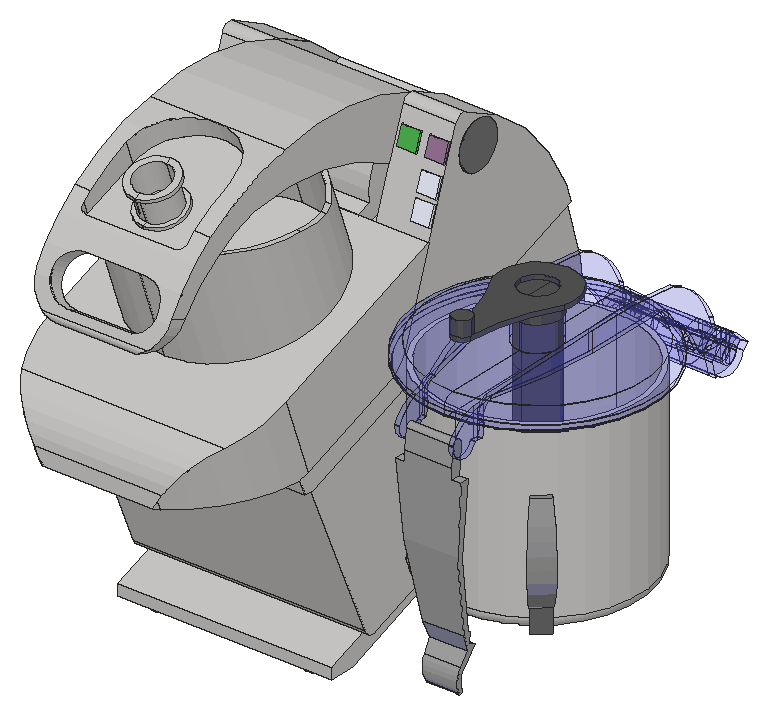
Revit family "QF_DITOSAMA_600432_DTRK45YI", category Specialty Equipment, Revit 2018
Family settings
  Round Connector Dimension = Use Diameter
  Part Type = Normal
  Work Plane-Based = No
  Always vertical = Yes
  Cut with Voids When Loaded = No
  Shared = No
  Room Calculation Point = No
Parameters (values of type "QF_DITO SAMA_600432_DTRK45YI")
  Weight = 27.40 kg
  Watts = 0 W
  Volts = 200 V
  URL Manufacturer = "http://www.ditosama.com"
  URL = "http://www.ditosama.com"
  Steam Supply Size = 0 mm
  Steam Supply Minimum Pressure = 0.0 Pa
  Steam Supply Maximum Pressure = 0.0 Pa
  Steam Pounds per Hour = 0
  Refrigeration Suction Line Size = 0 mm
  Refrigeration Liquid Line Size = 0 mm
  Refrigerant Compressor Remote = yes
  Manufacturer = "Dito Sama"
  Phase = 1
  Model = "DTRK45YI"
  Length Actual = 252 mm  # constant formula
  Item Number = "600432"
  Hot Water Size = 0 mm
  Height Actual = 505 mm  # constant formula
  HP = "1.3 HP"
  Gas Size = 0 mm
  Gas KW = 0
  Gas Input Pressure = 0 W
  Direct Waste Size = 0 mm
  Description = "CUTTER/SLICER 4.5L VARIAB.SPEED-1000W-200-240V/1N/50-60-CB APPROVED, SCHUKO PLUG"
  Depth Actual = 485 mm  # constant formula
  Cycle = 60 Hz
  Condensate Return Size = 0 mm
  Compressed Air Volume = 0.0 L/s
  Compressed Air Size = 0 mm
  Compressed Air Pressure = 0.0 Pa
  Cold Water Size = 0 mm
  Accessory = yes
Reference planes
  plane 1 "Center (Front/Back)": y = 0
  plane 2: z = 0
  plane 3 "Center (Left/Right)": x = 0
  plane 4 "BASE": through (-1506.947, -1354.442, -482.669) normal (0, -0.342, 0.9397)
  plane 5 "TOP": z = 725
  plane 6 "FRONT": y = -250
  plane 7 "BACK": y = 250
  plane 8 "LEFT": x = -126
  plane 9 "RIGHT": x = 126
  plane 10 "BaseSup": through (4267.2, -355.454, 143.983) normal (0, -0.342, 0.9397)
  plane 11 "TopCylinder": z = 505
  plane 12 "panel": through (4267.2, 37.396, 376.789) normal (0, -0.9397, 0.342)
  plane 13 "TAN1": through (4267.2, -242.8, 386.84) normal (0, -0.868, 0.4965)
  plane 14 "cx": x = -4.392
  plane 15: z = 490
  plane 16: z = 685
  plane 17 "EI_1": z = 320
  plane 18: z = 224
  plane 19 "SupportOblique": through (4267.2, 163.975, 96.815) normal (0, 0.809, 0.5878)
  plane 20 "CX2": x = 350
Forms (mm)
  Extrusion 1, solid, material "QF_Finishes_Stainless Steel"
    sketch origin (0, 71.755, 29.173) x (0, 0.939693, 0.34202) y (0, -0.34202, 0.939693)
      loop
        line (196.964, 40) -> (-146.726, 40) -> (-150.519, 29.578) -> (-124.204, 20) -> (196.964, 20) -> (196.964, 40)
    from -114.1 to 114.1
  Extrusion 2, solid, material "QF_Finishes_Stainless Steel"
    sketch origin (0, 71.755, 29.173) x (0, 0.939693, 0.34202) y (0, -0.34202, 0.939693)
      loop
        arc (-117.754, 231.836) -> (-115.679, 141.222) -> (-107.501, 50.953) r 1344.145
        arc (-107.501, 50.953) -> (-103.371, 43.13) -> (-95.098, 40) r 12.5
        line (-95.098, 40) -> (191.415, 40)
        arc (191.415, 40) -> (200.799, 44.052) -> (207.001, 52.177) r 20.212
        arc (207.001, 52.177) -> (236.663, 139.796) -> (245.906, 231.836) r 409.593
        line (245.906, 231.836) -> (-117.754, 231.836)
    from -123.6 to 123.2
  Extrusion 3, solid, material "QF_Finishes_Stainless Steel"
    sketch origin (0, 71.755, 29.173) x (0, 0.939693, 0.34202) y (0, -0.34202, 0.939693)
      loop
        line (-117.754, 231.836) -> (250, 231.836) -> (250, 254)
        arc (250, 254) -> (225.127, 344.7) -> (167.861, 419.303) r 244.524
        arc (167.861, 419.303) -> (160.498, 421.774) -> (153.587, 418.23) r 10
        line (153.587, 418.23) -> (25.432, 265.5)
        arc (25.432, 265.5) -> (14.376, 257.016) -> (0.77, 254) r 32.194
        line (0.77, 254) -> (-128.224, 254) -> (-128.224, 236.946) -> (-117.754, 231.836)
    from -125 to 125
  Extrusion 4, void
    sketch origin (0, 71.755, 29.173) x (0, 0.939693, 0.34202) y (0, -0.34202, 0.939693)
      loop
        line (146.605, 338.403) -> (228.145, 338.403)
        arc (228.145, 338.403) -> (202.221, 381.996) -> (167.861, 419.303) r 244.524
        arc (167.861, 419.303) -> (160.498, 421.774) -> (153.587, 418.23) r 10
        line (153.587, 418.23) -> (72.34, 321.403) -> (146.605, 321.403) -> (146.605, 338.403)
    from -76.755 to 68.071
  Extrusion 5, solid, material "QF_Finishes_Stainless Steel"
    sketch origin (0, 71.755, 29.173) x (0, 0.939693, 0.34202) y (0, -0.34202, 0.939693)
      loop
        line (86.605, 338.403) -> (69.605, 321.403) -> (146.605, 321.403) -> (146.605, 338.403) -> (138.179, 338.403) -> (138.179, 369.367)
        arc (138.179, 369.367) -> (147.784, 373.474) -> (158.149, 372.174) r 19.987
        arc (158.149, 372.174) -> (156.791, 382.001) -> (162.888, 389.826) r 12.748
        arc (162.888, 389.826) -> (123.302, 374.774) -> (101.605, 338.403) r 64.447
        line (101.605, 338.403) -> (86.605, 338.403)
    from -65 to 50
  Extrusion 6, solid, material "QF_Finishes_Stainless Steel"
    sketch origin (539, 71.755, 29.173) x (0, -0.939693, -0.34202) y (0, -0.34202, 0.939693)
      loop
        circle (-169.102, 378.696) r 12.748
    from 489 to 604
  Extrusion 7, solid, material "QF_Finishes_Rubber Black"
    sketch origin (0, 71.755, 29.173) x (0, 0.939693, 0.34202) y (0, -0.34202, 0.939693)
      loop
        circle (169.102, 378.696) r 25
    from 125 to 126.6
  Extrusion 8, solid, material "QF_Finishes_Green"
    sketch origin (-10, -113.728, -38.42) x (0, -0.34202, -0.939693) y (1, 0, 0)
      loop
        line (-529.862, 82.865) -> (-509.862, 82.865) -> (-509.862, 102.865) -> (-529.862, 102.865) -> (-529.862, 82.865)
    from 0 to 1.6
  Extrusion 9, solid, material "QF_Finishes_Red"
    sketch origin (20, -113.728, -38.42) x (0, -0.34202, -0.939693) y (1, 0, 0)
      loop
        line (-529.862, 82.865) -> (-509.862, 82.865) -> (-509.862, 102.865) -> (-529.862, 102.865) -> (-529.862, 82.865)
    from 0 to 1.6
  Extrusion 10, solid, material "QF_Finishes_White"
    sketch origin (19.976, -149.421, -75.636) x (0, -0.34202, -0.939693) y (1, 0, 0)
      loop
        line (-521.192, 82.865) -> (-501.192, 82.865) -> (-501.192, 102.865) -> (-521.192, 102.865) -> (-521.192, 82.865)
    from 0 to 1.6
  Extrusion 11, solid, material "QF_Finishes_Rubber Black"
    sketch origin (-20, -293.925, 99.376) x (0, -1, 0) y (1, 0, 0)
      loop
        circle (-230.144, 103.748) r 10
      loop
        circle (-230.144, -61.252) r 10
    from 9.274 to 3.787
  Extrusion 12, void
    sketch origin (-20.94, 306.731, 139.428) x (-1, 0, 0) y (0, -0.34202, 0.939693)
      loop
        circle (-20.94, 196.093) r 10
    from -1.916 to -26.433
  Extrusion 13, solid, material "QF_Finishes_Stainless Steel"
    sketch origin (-20.94, 306.678, 139.573) x (-1, 0, 0) y (0, -0.34202, 0.939693)
      loop
        circle (-20.94, 195.939) r 9.999
    from -8.514 to -26.433
  Extrusion 14, solid, material "QF_Finishes_Stainless Steel"
    sketch origin (0, -15.119, 267.855) x (0, -0.939693, -0.34202) y (1, 0, 0)
      loop
        line (-86.605, -125) -> (117.754, -125)
        arc (117.754, -125) -> (182.577, -108.838) -> (232.224, -64.135) r 138.076
        arc (232.224, -64.135) -> (246.337, -33.516) -> (250, 0) r 104.824
        arc (250, 0) -> (246.337, 33.516) -> (232.224, 64.135) r 104.824
        arc (232.224, 64.135) -> (182.577, 108.838) -> (117.754, 125) r 138.076
        line (117.754, 125) -> (-86.605, 125) -> (-86.605, -125)
    from 0 to 84.403
  Extrusion 15, void
    sketch origin (0, 71.755, 29.173) x (0, 0.939693, 0.34202) y (0, -0.34202, 0.939693)
      loop
        line (-183.149, 338.403) -> (-263.395, 338.403) -> (-263.395, 254) -> (-128.224, 254) -> (-235.716, 293.124) -> (-229.509, 307.133)
        arc (-229.509, 307.133) -> (-211.109, 329.855) -> (-183.149, 338.403) r 50
      loop
        line (86.605, 338.403) -> (25.432, 265.5)
        arc (25.432, 265.5) -> (14.376, 257.016) -> (0.77, 254) r 32.194
        line (0.77, 254) -> (86.605, 254) -> (86.605, 338.403)
    from -156.555 to 144.79
  Extrusion 16, solid, material "QF_Finishes_Rubber Black"
    sketch origin (-20, -255.757, 37.007) x (0, -0.939693, -0.34202) y (1, 0, 0)
      loop
        circle (-230.144, 103.748) r 10
      loop
        circle (-230.144, -61.252) r 10
    from -1.968 to 3.787
  Extrusion 17, solid, material "QF_Finishes_Stainless Steel"
    sketch origin (0, 0, 0) x (0, 1, 0) y (0, 0, 1)
      loop
        arc (-237.987, 360.286) -> (-193.334, 422.101) -> (-125.907, 457.716) r 167.502
        arc (-125.907, 457.716) -> (-32.614, 457.202) -> (54.785, 424.565) r 266.494
        line (54.785, 424.565) -> (73.036, 474.711)
        arc (73.036, 474.711) -> (77.269, 479.853) -> (83.792, 481.198) r 10
        arc (83.792, 481.198) -> (1.801, 503.572) -> (-83.051, 498.734) r 263.981
        arc (-83.051, 498.734) -> (-135.605, 484.534) -> (-183.511, 458.675) r 236.13
        arc (-183.511, 458.675) -> (-222.818, 420.732) -> (-248.457, 372.49) r 174.407
        arc (-248.457, 372.49) -> (-249.83, 368.135) -> (-247.05, 364.513) r 4.945
        line (-247.05, 364.513) -> (-237.987, 360.286)
    from -76.755 to 68.071
  Extrusion 18, void
    sketch origin (0, -252.846, 369.279) x (0, -0.496521, -0.868025) y (1, 0, 0)
      loop
        line (-13.723, -36.755) -> (-13.723, 28.071)
        arc (-13.723, 28.071) -> (-38.723, 53.071) -> (-63.723, 28.071) r 25
        line (-63.723, 28.071) -> (-63.723, -36.755)
        arc (-63.723, -36.755) -> (-38.723, -61.755) -> (-13.723, -36.755) r 25
    from -148.493 to 7.125
  Extrusion 19, void
    sketch origin (0, -88.076, 32.057) x (0, -0.34202, -0.939693) y (1, 0, 0)
      loop
        line (-257.162, 68.071) -> (-297.162, 68.071)
        arc (-297.162, 68.071) -> (-268.878, 56.356) -> (-257.162, 28.071) r 40
        line (-257.162, 28.071) -> (-257.162, 68.071)
      loop
        line (-257.162, -76.755) -> (-257.162, -36.755)
        arc (-257.162, -36.755) -> (-268.878, -65.039) -> (-297.162, -76.755) r 40
        line (-297.162, -76.755) -> (-257.162, -76.755)
    from 233.374 to 280.473
  Extrusion 20, void
    sketch origin (0, -73.76, 246.511) x (0, -0.939693, -0.34202) y (1, 0, 0)
      loop
        spline (50.415, 43.499) -> (50.302, 44.538) -> (50.07, 45.551) -> (49.722, 46.523) -> (49.265, 47.436) -> (48.705, 48.278) -> (48.053, 49.034) -> (47.317, 49.692) -> (46.511, 50.241) -> (45.647, 50.674) -> (44.738, 50.981) -> (43.801, 51.16) -> (42.848, 51.221)
        line (42.848, 51.221) -> (-21.826, 51.221)
        arc (-21.826, 51.221) -> (-77.476, -4.429) -> (-21.826, -60.078) r 55.65
        line (-21.826, -60.078) -> (42.849, -60.064)
        spline (42.849, -60.064) -> (43.796, -60.017) -> (44.73, -59.836) -> (45.637, -59.525) -> (46.5, -59.088) -> (47.306, -58.532) -> (48.042, -57.867) -> (48.695, -57.103) -> (49.256, -56.253) -> (49.715, -55.331) -> (50.065, -54.351) -> (50.3, -53.329) -> (50.415, -52.283)
        line (50.415, -52.283) -> (50.415, 43.499)
    from 219.928 to 259.975
  Extrusion 21, void
    sketch origin (0, -87.856, 241.381) x (0, -0.939693, -0.34202) y (1, 0, 0)
      loop
        circle (-4.976, -4.429) r 22.5
    from 184.171 to 259.975
  Extrusion 22, solid, material "QF_Finishes_Stainless Steel"
    sketch origin (0, -57.13, 252.564) x (0, -0.939693, -0.34202) y (1, 0, 0)
      loop
        circle (-27.476, -4.429) r 100
      loop
        circle (-27.476, -4.429) r 95
    from 84.403 to 219.928
  Extrusion 23, void
    sketch origin (539, 0, 0) x (0, -1, 0) y (0, 0, 1)
      loop
        line (-7.229, 448.453) -> (38.883, 431.669) -> (53.883, 431.669) -> (97.232, 435.738) -> (172.232, 435.738) -> (200.5, 434.424) -> (12.562, 502.828) -> (-7.229, 448.453)
    from 424.9 to 664
  Revolve 24, solid, material "QF_Finishes_Stainless Steel"
    sketch origin (-4.392, 0, 0) x (0, 1, 0) y (0, 0, 1)
      loop
        line (-159.523, 452.833) -> (-177.266, 446.376) -> (-188.766, 477.973) -> (-195.199, 475.631) -> (-193.959, 472.225) -> (-189.261, 473.935) -> (-179, 445.744) -> (-183.698, 444.034) -> (-182.575, 440.948) -> (-179.543, 442.052) -> (-133.191, 314.7) -> (-112.048, 322.396) -> (-159.523, 452.833)
      axis (-112.048, 322.396) -> (-171.023, 484.431)
    angle from 0 to 360
  Extrusion 25, solid, material "QF_Door-Drawer Clearances", detail levels coarse
    sketch origin (0, -262.072, 735.095) x (0, -0.581279, -0.813704) y (0, 0.813704, -0.581279)
      loop
        arc (-237.987, 360.286) -> (-193.334, 422.101) -> (-125.907, 457.716) r 167.502
        arc (-125.907, 457.716) -> (-61.925, 460.915) -> (0.971, 448.753) r 266.494
        arc (0.971, 448.753) -> (-2.208, 475.472) -> (-2.432, 502.379) r 244.524
        arc (-2.432, 502.379) -> (-31.549, 503.211) -> (-60.594, 500.999) r 278.64
        arc (-60.594, 500.999) -> (-125.023, 488.463) -> (-183.511, 458.675) r 236.13
        arc (-183.511, 458.675) -> (-222.818, 420.732) -> (-248.457, 372.49) r 174.407
        arc (-248.457, 372.49) -> (-249.83, 368.135) -> (-247.05, 364.513) r 4.945
        line (-247.05, 364.513) -> (-237.987, 360.286)
    from -76.755 to 68.071
  Extrusion 26, solid, material "QF_Door-Drawer Clearances", detail levels coarse
    sketch origin (-4.392, 0, -55) x (0, 1, 0) y (0, 0, 1)
      loop
        arc (180.062, 780.324) -> (-149.234, 694.151) -> (-249.905, 368.994) r 350.321
        line (-249.905, 368.994) -> (-246.546, 377.767)
        arc (-246.546, 377.767) -> (-144.345, 691.9) -> (174.993, 776.44) r 345.321
        line (174.993, 776.44) -> (180.062, 780.324)
    from -60 to 60
  Extrusion 27, solid, material "QF_Finishes_Rubber Black"
    sketch origin (-20, -20.834, 122.512) x (0, -0.939693, -0.34202) y (1, 0, 0)
      loop
        circle (-230.144, 103.748) r 10
      loop
        circle (-230.144, -61.252) r 10
    from -1.968 to 3.787
  Extrusion 28, void
    sketch origin (-4.392, 0, 0) x (0, 1, 0) y (0, 0, 1)
      loop
        circle (163.975, 96.815) r 5.399
    from -121.608 to 130.392
  Sweep 29, solid, material "QF_Finishes_Stainless Steel"
    path origin (0, 153.361, 111.423) x (0, -0.587785, 0.809017) y (1, 0, 0)
      loop
        line (-133.401, 56) -> (-133.401, 112.5)
        arc (-133.401, 112.5) -> (-130.472, 119.571) -> (-123.401, 122.5) r 10
        line (-123.401, 122.5) -> (-28.058, 122.5)
        arc (-28.058, 122.5) -> (-20.987, 119.571) -> (-18.058, 112.5) r 10
        line (-18.058, 112.5) -> (-18.058, -112.5)
        arc (-18.058, -112.5) -> (-20.987, -119.571) -> (-28.058, -122.5) r 10
        line (-28.058, -122.5) -> (-123.401, -122.5)
        arc (-123.401, -122.5) -> (-130.472, -119.571) -> (-133.401, -112.5) r 10
        line (-133.401, -112.5) -> (-133.401, -56)
    profile origin (84.25, 231.772, 3.5) x (0, 0.587785, -0.809017) y (0, 0.809017, 0.587785)
      loop
        circle (0, 0) r 3.5
  Extrusion 30, void
    sketch origin (-4.392, 0, 0) x (0, 1, 0) y (0, 0, 1)
      loop
        line (50.281, 42.641) -> (71.708, 50.44) -> (64.376, 57.771) -> (50.281, 52.641) -> (50.281, 42.641)
    from -119.208 to -51.608
  Extrusion 31, void
    sketch origin (4.392, 0, 0) x (0, 1, 0) y (0, 0, -1)
      loop
        line (50.281, -42.641) -> (50.281, -52.641) -> (64.376, -57.771) -> (71.708, -50.44) -> (50.281, -42.641)
    from -119.208 to -51.608
  Extrusion 32, solid, material "QF_Door-Drawer Clearances", detail levels coarse
    sketch origin (350, -160.4, -17.118) x (0, -0.34202, -0.939693) y (0, -0.939693, 0.34202)
      loop
        line (-206.754, 118.191) -> (-331.133, -223.538)
        arc (-331.133, -223.538) -> (-241.482, -246.331) -> (-149.003, -248.426) r 409.593
        arc (-149.003, -248.426) -> (-139.246, -245.378) -> (-132.229, -237.945) r 20.212
        line (-132.229, -237.945) -> (-34.236, 31.289)
        arc (-34.236, 31.289) -> (-34.347, 40.134) -> (-40.286, 46.691) r 12.5
        arc (-40.286, 46.691) -> (-122.314, 85.249) -> (-206.754, 118.191) r 1344.145
    from -123.6 to 123.2
  Extrusion 33, solid, material "QF_Door-Drawer Clearances", detail levels coarse
    sketch origin (350, -160.4, -17.118) x (0, -0.34202, -0.939693) y (0, -0.939693, 0.34202)
      loop
        line (-134.127, -243.16) -> (-115.333, -250) -> (-5.487, 51.799) -> (-5.487, 79.803) -> (-16.578, 79.803) -> (-134.127, -243.16)
    from -114.1 to 114.1
  Extrusion 34, solid, material "QF_Door-Drawer Clearances", detail levels coarse
    sketch origin (330, -388.076, 105.131) x (0, -1, 0) y (1, 0, 0)
      loop
        circle (-230.144, 103.748) r 10
      loop
        circle (-230.144, -61.252) r 10
    from -1.968 to 3.787
  Extrusion 35, solid, material "QF_Door-Drawer Clearances", detail levels coarse
    sketch origin (330, -138.076, 105.131) x (0, -1, 0) y (1, 0, 0)
      loop
        circle (-230.144, 103.748) r 10
      loop
        circle (-230.144, -61.252) r 10
    from -1.968 to 3.787
  Extrusion 36, solid, material "QF_Door-Drawer Clearances", detail levels coarse
    sketch origin (0, 250, 0) x (-1, 0, 0) y (0, 0, 1)
      loop
        circle (-350, 200) r 10
    from -89.12 to -78.665
  Extrusion 37, solid, material "QF_Finishes_White"
    sketch origin (19.976, -140.87, -52.143) x (0, -0.34202, -0.939693) y (1, 0, 0)
      loop
        line (-521.192, 82.865) -> (-501.192, 82.865) -> (-501.192, 102.865) -> (-521.192, 102.865) -> (-521.192, 82.865)
    from 0 to 1.6
Cuts and joins
  Extrusion 4, Extrusion 19, Extrusion 20, Extrusion 21 cuts Extrusion 3
  Extrusion 15, Extrusion 19, Extrusion 20, Extrusion 21 cuts Extrusion 14
  Extrusion 18, Extrusion 19, Extrusion 20, Extrusion 21 cuts Extrusion 17
  Extrusion 12, Extrusion 20, Extrusion 21 cuts Extrusion 2
  Extrusion 23 cuts Extrusion 22
  Extrusion 28, Extrusion 30, Extrusion 31 cuts Extrusion 1
Lines and regions (mm)
  symbolic lines
    curve 1: line (-76.755, 170.4, 0) -> (-76.755, -235.217, 0)
    curve 2: line (68.071, -235.135, 0) -> (68.071, 170.4, 0)
    curve 3: line (-76.755, 83.792, 0) -> (68.071, 83.792, 0)
    curve 4: line (-76.755, 170.4, 0) -> (68.071, 170.4, 0)
    curve 5: line (68.071, -83.051, 0) -> (-76.755, -83.051, 0)
    curve 6: line (-60.078, -136.967, 0) -> (51.221, -136.967, 0)
    curve 7: line (-60.078, -128.47, 0) -> (-60.078, -194.06, 0)
    curve 8: line (51.221, -193.76, 0) -> (51.221, -128.47, 0)
    curve 9: spline (-52.282, -199.891, 0) -> (-53.276, -199.815, 0) -> (-54.25, -199.647, 0) -> (-55.19, -199.39, 0) -> (-56.081, -199.046, 0) -> (-56.909, -198.622, 0) -> (-57.663, -198.124, 0) -> (-58.331, -197.559, 0) -> (-58.902, -196.936, 0) -> (-59.369, -196.264, 0) -> (-59.724, -195.553, 0) -> (-59.961, -194.815, 0) -> (-60.078, -194.06, 0)
    curve 10: line (43.499, -199.901, 0) -> (-52.283, -199.901, 0)
    curve 11: spline (51.218, -193.76, 0) -> (51.156, -194.554, 0) -> (50.964, -195.333, 0) -> (50.645, -196.085, 0) -> (50.204, -196.798, 0) -> (49.648, -197.459, 0) -> (48.986, -198.058, 0) -> (48.229, -198.586, 0) -> (47.39, -199.033, 0) -> (46.483, -199.392, 0) -> (45.521, -199.658, 0) -> (44.521, -199.826, 0) -> (43.499, -199.893, 0)
    curve 12: spline (-4.392, -146.848, 0) -> (-11.05, -147.672, 0) -> (-17.255, -150.087, 0) -> (-22.583, -153.929, 0) -> (-26.672, -158.936, 0) -> (-29.242, -164.766, 0) -> (-30.119, -171.023, 0) -> (-29.242, -177.28, 0) -> (-26.672, -183.111, 0) -> (-22.583, -188.118, 0) -> (-17.255, -191.96, 0) -> (-11.05, -194.375, 0) -> (-4.392, -195.199, 0)
    curve 13: spline (-4.392, -195.199, 0) -> (2.267, -194.375, 0) -> (8.472, -191.96, 0) -> (13.8, -188.118, 0) -> (17.888, -183.111, 0) -> (20.459, -177.28, 0) -> (21.335, -171.023, 0) -> (20.459, -164.766, 0) -> (17.888, -158.936, 0) -> (13.8, -153.929, 0) -> (8.472, -150.087, 0) -> (2.267, -147.672, 0) -> (-4.392, -146.848, 0)
    curve 14: spline (-4.392, -188.766, 0) -> (-9.279, -188.162, 0) -> (-13.832, -186.389, 0) -> (-17.743, -183.569, 0) -> (-20.744, -179.895, 0) -> (-22.63, -175.616, 0) -> (-23.273, -171.023, 0) -> (-22.63, -166.431, 0) -> (-20.744, -162.152, 0) -> (-17.743, -158.477, 0) -> (-13.832, -155.658, 0) -> (-9.279, -153.885, 0) -> (-4.392, -153.281, 0)
    curve 15: spline (-4.392, -153.281, 0) -> (0.495, -153.885, 0) -> (5.049, -155.658, 0) -> (8.96, -158.477, 0) -> (11.96, -162.152, 0) -> (13.846, -166.431, 0) -> (14.49, -171.023, 0) -> (13.846, -175.616, 0) -> (11.96, -179.895, 0) -> (8.96, -183.569, 0) -> (5.049, -186.389, 0) -> (0.495, -188.162, 0) -> (-4.392, -188.766, 0)
    curve 16: spline (-22.254, -165.273, 0) -> (-20.617, -168.597, 0) -> (-18.289, -171.534, 0) -> (-15.368, -173.96, 0) -> (-11.98, -175.77, 0) -> (-8.268, -176.888, 0) -> (-4.392, -177.266, 0) -> (-0.515, -176.888, 0) -> (3.197, -175.77, 0) -> (6.585, -173.96, 0) -> (9.505, -171.534, 0) -> (11.834, -168.597, 0) -> (13.471, -165.273, 0)
    curve 17: spline (21.106, -162.743, 0) -> (21.02, -155.749, 0) -> (18.807, -149.071, 0) -> (14.651, -143.268, 0) -> (8.902, -138.825, 0) -> (2.04, -136.115, 0) -> (-5.361, -135.365, 0) -> (-12.68, -136.637, 0) -> (-19.306, -139.824, 0) -> (-24.683, -144.661, 0) -> (-28.361, -150.742, 0) -> (-30.034, -157.558, 0) -> (-29.559, -164.538, 0)
    curve 18: spline (15.591, -154.349, 0) -> (13.851, -150.277, 0) -> (11.185, -146.674, 0) -> (7.729, -143.723, 0) -> (3.657, -141.574, 0) -> (-0.824, -140.337, 0) -> (-5.485, -140.073, 0) -> (-10.091, -140.797, 0) -> (-14.408, -142.471, 0) -> (-18.216, -145.011, 0) -> (-21.322, -148.287, 0) -> (-23.569, -152.134, 0) -> (-24.843, -156.356, 0)
    curve 19: line (-36.755, -245.358, 0) -> (-36.755, -220.255, 0)
    curve 20: line (28.071, -220.255, 0) -> (28.071, -245.358, 0)
    curve 21: line (-36.755, -220.255, 0) -> (28.071, -220.255, 0)
    curve 22: line (-36.755, -231.961, 0) -> (28.071, -231.961, 0)
    curve 23: line (28.071, -245.358, 0) -> (-36.755, -245.358, 0)
    curve 24: arc (-36.755, -231.961, 0) -> (-47.346, -230.66, 0) -> (-57.309, -226.836, 0) r 43.78
    curve 25: arc (28.071, -231.961, 0) -> (38.611, -230.648, 0) -> (48.525, -226.836, 0) r 43.78
    curve 26: line (108.532, -216.09, 0) -> (68.016, -248.959, 0)
    curve 27: spline (108.532, -216.09, 0) -> (111.117, -211.341, 0) -> (113.492, -206.496, 0) -> (115.654, -201.564, 0) -> (117.598, -196.552, 0) -> (119.32, -191.469, 0) -> (120.82, -186.324, 0) -> (122.092, -181.125, 0) -> (123.137, -175.882, 0) -> (123.951, -170.603, 0) -> (124.533, -165.296, 0) -> (124.883, -159.972, 0) -> (125, -154.639, 0)
    curve 28: line (125, -154.639, 0) -> (125, 227.385, 0)
    curve 29: spline (63.971, -249.433, 0) -> (63.542, -249.481, 0) -> (63.11, -249.529, 0) -> (62.674, -249.577, 0) -> (62.235, -249.624, 0) -> (61.792, -249.672, 0) -> (61.346, -249.719, 0) -> (60.896, -249.766, 0) -> (60.442, -249.813, 0) -> (59.985, -249.86, 0) -> (59.525, -249.907, 0) -> (59.06, -249.954, 0) -> (58.593, -250, 0)
    curve 30: spline (68.016, -248.959, 0) -> (67.688, -248.999, 0) -> (67.358, -249.038, 0) -> (67.026, -249.078, 0) -> (66.693, -249.118, 0) -> (66.359, -249.157, 0) -> (66.022, -249.197, 0) -> (65.684, -249.236, 0) -> (65.345, -249.276, 0) -> (65.004, -249.315, 0) -> (64.661, -249.354, 0) -> (64.317, -249.394, 0) -> (63.971, -249.433, 0)
    curve 31: line (-68.016, -248.959, 0) -> (68.016, -248.959, 0)
    curve 32: line (-68.016, -248.959, 0) -> (-108.532, -216.09, 0)
    curve 33: spline (-63.971, -249.433, 0) -> (-64.317, -249.394, 0) -> (-64.661, -249.354, 0) -> (-65.004, -249.315, 0) -> (-65.345, -249.276, 0) -> (-65.684, -249.236, 0) -> (-66.022, -249.197, 0) -> (-66.359, -249.157, 0) -> (-66.693, -249.118, 0) -> (-67.026, -249.078, 0) -> (-67.358, -249.038, 0) -> (-67.688, -248.999, 0) -> (-68.016, -248.959, 0)
    curve 34: spline (-58.593, -250, 0) -> (-59.06, -249.954, 0) -> (-59.525, -249.907, 0) -> (-59.985, -249.86, 0) -> (-60.442, -249.813, 0) -> (-60.896, -249.766, 0) -> (-61.346, -249.719, 0) -> (-61.792, -249.672, 0) -> (-62.235, -249.624, 0) -> (-62.674, -249.577, 0) -> (-63.11, -249.529, 0) -> (-63.542, -249.481, 0) -> (-63.971, -249.433, 0)
    curve 35: line (-76.755, -235.217, 0) -> (-60.604, -248.457, 0)
    curve 36: spline (-125, -154.639, 0) -> (-124.883, -159.972, 0) -> (-124.533, -165.296, 0) -> (-123.951, -170.603, 0) -> (-123.137, -175.882, 0) -> (-122.092, -181.125, 0) -> (-120.82, -186.324, 0) -> (-119.32, -191.469, 0) -> (-117.598, -196.552, 0) -> (-115.654, -201.564, 0) -> (-113.492, -206.496, 0) -> (-111.117, -211.341, 0) -> (-108.532, -216.09, 0)
    curve 37: line (-125, 227.385, 0) -> (-125, -154.639, 0)
    curve 38: arc (-76.755, -160.023, 0) -> (-93.256, -130.498, 0) -> (-99.37, -97.232, 0) r 103.622
    curve 39: arc (-76.755, -168.026, 0) -> (-96.901, -135.101, 0) -> (-104.377, -97.232, 0) r 109.55
    curve 40: spline (-99.395, -97.232, 0) -> (-99.428, -93.546, 0) -> (-99.341, -89.86, 0) -> (-99.135, -86.178, 0) -> (-98.81, -82.506, 0) -> (-98.367, -78.845, 0) -> (-97.806, -75.201, 0) -> (-97.127, -71.576, 0) -> (-96.331, -67.976, 0) -> (-95.419, -64.402, 0) -> (-94.392, -60.86, 0) -> (-93.251, -57.352, 0) -> (-91.998, -53.883, 0)
    curve 41: arc (-91.998, -53.883, 0) -> (-88.614, -46.234, 0) -> (-84.624, -38.883, 0) r 103.541
    curve 42: spline (-84.624, -38.883, 0) -> (-84.026, -38.009, 0) -> (-83.417, -37.142, 0) -> (-82.798, -36.282, 0) -> (-82.167, -35.428, 0) -> (-81.527, -34.582, 0) -> (-80.876, -33.742, 0) -> (-80.214, -32.91, 0) -> (-79.543, -32.085, 0) -> (-78.861, -31.267, 0) -> (-78.169, -30.457, 0) -> (-77.467, -29.655, 0) -> (-76.755, -28.86, 0)
    curve 43: spline (-90.488, -38.883, 0) -> (-89.506, -37.356, 0) -> (-88.492, -35.846, 0) -> (-87.448, -34.355, 0) -> (-86.375, -32.883, 0) -> (-85.271, -31.43, 0) -> (-84.139, -29.997, 0) -> (-82.978, -28.585, 0) -> (-81.788, -27.193, 0) -> (-80.571, -25.823, 0) -> (-79.326, -24.476, 0) -> (-78.054, -23.15, 0) -> (-76.755, -21.847, 0)
    curve 44: arc (-97.398, -53.883, 0) -> (-94.227, -46.252, 0) -> (-90.488, -38.883, 0) r 109.406
    curve 45: spline (-104.397, -97.232, 0) -> (-104.428, -93.553, 0) -> (-104.346, -89.875, 0) -> (-104.151, -86.201, 0) -> (-103.844, -82.535, 0) -> (-103.425, -78.879, 0) -> (-102.894, -75.238, 0) -> (-102.252, -71.615, 0) -> (-101.499, -68.013, 0) -> (-100.637, -64.435, 0) -> (-99.665, -60.886, 0) -> (-98.585, -57.367, 0) -> (-97.398, -53.883, 0)
    curve 46: spline (-104.429, -60.179, 0) -> (-104.227, -54.213, 0) -> (-103.623, -48.272, 0) -> (-102.618, -42.379, 0) -> (-101.218, -36.558, 0) -> (-99.427, -30.832, 0) -> (-97.253, -25.224, 0) -> (-94.704, -19.758, 0) -> (-91.791, -14.454, 0) -> (-88.526, -9.335, 0) -> (-84.922, -4.421, 0) -> (-80.993, 0.268, 0) -> (-76.755, 4.714, 0)
    curve 47: line (-104.429, -60.179, 0) -> (-104.429, -91.125, 0)
    curve 48: line (-125, 37.396, 0) -> (-76.755, 37.396, 0)
    curve 49: line (-125, 227.385, 0) -> (125, 227.385, 0)
    curve 50: line (-125, 219.805, 0) -> (125, 219.805, 0)
    curve 51: line (-65, 113.885, 0) -> (50, 113.885, 0)
    curve 52: line (50, 113.885, 0) -> (50, 83.792, 0)
    curve 53: line (-65, 113.885, 0) -> (-65, 83.792, 0)
    curve 54: line (-65, 91.491, 0) -> (50, 91.491, 0)
    curve 55: line (50, 93.777, 0) -> (68.071, 93.777, 0)
    curve 56: line (-65, 93.777, 0) -> (-76.755, 93.777, 0)
    curve 57: line (72.865, 67.495, 0) -> (92.865, 67.495, 0)
    curve 58: line (72.865, 59.152, 0) -> (72.865, 67.495, 0)
    curve 59: line (92.865, 59.152, 0) -> (72.865, 59.152, 0)
    curve 60: line (92.865, 67.495, 0) -> (92.865, 59.152, 0)
    curve 61: line (102.865, 67.495, 0) -> (122.865, 67.495, 0)
    curve 62: line (102.865, 59.152, 0) -> (102.865, 67.495, 0)
    curve 63: line (122.865, 59.152, 0) -> (102.865, 59.152, 0)
    curve 64: line (122.865, 67.495, 0) -> (122.865, 59.152, 0)
    curve 65: line (102.841, 48.394, 0) -> (122.841, 48.394, 0)
    curve 66: line (102.841, 40.05, 0) -> (102.841, 48.394, 0)
    curve 67: line (122.841, 40.05, 0) -> (102.841, 40.05, 0)
    curve 68: line (122.841, 48.394, 0) -> (122.841, 40.05, 0)
    curve 69: line (92.865, 65.992, 0) -> (72.865, 65.992, 0)
    curve 70: line (122.865, 65.992, 0) -> (102.865, 65.992, 0)
    curve 71: line (122.841, 46.891, 0) -> (102.841, 46.891, 0)
    curve 72: line (-123.6, 250, 0) -> (123.2, 250, 0)
    curve 73: line (123.2, 227.385, 0) -> (123.2, 250, 0)
    curve 74: line (-123.6, 227.385, 0) -> (-123.6, 250, 0)
    curve 75: line (68.071, 37.396, 0) -> (125, 37.396, 0)
    curve 76: line (68.071, -235.135, 0) -> (51.82, -248.457, 0)
    curve 77: arc (68.071, -159.898, 0) -> (84.5, -130.423, 0) -> (90.587, -97.232, 0) r 103.622
    curve 78: arc (68.071, -167.913, 0) -> (88.145, -135.031, 0) -> (95.593, -97.232, 0) r 109.55
    curve 79: spline (90.612, -97.232, 0) -> (90.644, -93.546, 0) -> (90.558, -89.86, 0) -> (90.352, -86.178, 0) -> (90.027, -82.506, 0) -> (89.584, -78.845, 0) -> (89.022, -75.201, 0) -> (88.343, -71.576, 0) -> (87.547, -67.976, 0) -> (86.636, -64.402, 0) -> (85.609, -60.86, 0) -> (84.468, -57.352, 0) -> (83.214, -53.883, 0)
    curve 80: arc (83.214, -53.883, 0) -> (79.831, -46.234, 0) -> (75.841, -38.883, 0) r 103.541
    curve 81: spline (75.841, -38.883, 0) -> (75.25, -38.019, 0) -> (74.648, -37.162, 0) -> (74.036, -36.312, 0) -> (73.414, -35.468, 0) -> (72.781, -34.631, 0) -> (72.138, -33.801, 0) -> (71.485, -32.977, 0) -> (70.822, -32.161, 0) -> (70.149, -31.353, 0) -> (69.466, -30.551, 0) -> (68.774, -29.757, 0) -> (68.071, -28.97, 0)
    curve 82: spline (81.705, -38.883, 0) -> (80.729, -37.365, 0) -> (79.722, -35.865, 0) -> (78.685, -34.383, 0) -> (77.619, -32.92, 0) -> (76.523, -31.476, 0) -> (75.399, -30.051, 0) -> (74.246, -28.647, 0) -> (73.066, -27.263, 0) -> (71.857, -25.901, 0) -> (70.622, -24.56, 0) -> (69.36, -23.242, 0) -> (68.071, -21.946, 0)
    curve 83: arc (88.615, -53.883, 0) -> (85.443, -46.252, 0) -> (81.705, -38.883, 0) r 109.406
    curve 84: spline (95.614, -97.232, 0) -> (95.644, -93.553, 0) -> (95.562, -89.875, 0) -> (95.368, -86.201, 0) -> (95.061, -82.535, 0) -> (94.641, -78.879, 0) -> (94.111, -75.238, 0) -> (93.469, -71.615, 0) -> (92.716, -68.013, 0) -> (91.853, -64.435, 0) -> (90.882, -60.886, 0) -> (89.802, -57.367, 0) -> (88.615, -53.883, 0)
    curve 85: spline (95.645, -60.179, 0) -> (95.444, -54.225, 0) -> (94.842, -48.295, 0) -> (93.842, -42.413, 0) -> (92.446, -36.602, 0) -> (90.662, -30.886, 0) -> (88.496, -25.287, 0) -> (85.957, -19.829, 0) -> (83.055, -14.533, 0) -> (79.802, -9.421, 0) -> (76.21, -4.512, 0) -> (72.295, 0.173, 0) -> (68.071, 4.615, 0)
    curve 86: line (95.645, -60.179, 0) -> (95.645, -91.125, 0)
    curve 87: line (102.841, 56.945, 0) -> (122.841, 56.945, 0)
    curve 88: line (122.841, 55.441, 0) -> (102.841, 55.441, 0)
    curve 89: line (102.841, 56.945, 0) -> (102.841, 48.394, 0)
    curve 90: line (102.841, 48.601, 0) -> (122.841, 48.601, 0)
    curve 91: line (122.841, 48.601, 0) -> (122.841, 56.945, 0)
Dimensions and locks
  plane 5 "TOP" to level = 725 mm  (x2)
  plane 8 "LEFT" to plane 3 "Center (Left/Right)" to plane 9 "RIGHT" = 126 mm, 126 mm
  plane 7 "BACK" to plane 1 "Center (Front/Back)" to plane 6 "FRONT" = 250 mm, 250 mm
  plane 5 "TOP" to plane 2 = 725 mm
  plane 5 "TOP" to plane 11 "TopCylinder" = 220 mm
  plane 6 "FRONT" to plane 7 "BACK" = 500 mm
  plane 7 "BACK" to plane 6 "FRONT" = 500 mm
  plane 11 "TopCylinder" to level = 505 mm  (x2)
  plane 15 to level = 490 mm  (x2)
  plane 16 to level = 685 mm
  plane 17 "EI_1" to level = 320 mm
  plane 18 to level = 224 mm
  plane 16 to plane 2 = 685 mm
  plane 9 "RIGHT" to plane 8 "LEFT" = 252 mm
  aligned and locked: level to plane 2
Nested families
  nested 1: "600428_BOWL" at (360, -39.665, -20.592), type "600428_BOWL"
Connectors
  electrical at (0, 231.662, 320.783), driven by "Volts"
    settings: on Extrusion 13, index 1, voltage 200 V, apparent load 0 VA, apparent load phase1 0 VA, apparent load phase2 0 VA, apparent load phase3 0 VA, power factor 1, load classification "Other", number of poles 1, system type 30, power factor state 1, is connector primary yes, connector utility no, sub classification motor no, connector description "Electrical Connection"
Definition of nested family "600428_BOWL"
  Reference planes
    plane 1 "Center (Front/Back)": y = 0
    plane 2: z = 0
    plane 3 "Center (Left/Right)": x = 0
    plane 4 "TOP": z = 705.4
    plane 5 "FRONT": y = -211
    plane 6 "BACK": y = 211
    plane 7 "LEFT": x = -128
    plane 8 "RIGHT": x = 128
    plane 9 "CenterX": x = -10
    plane 10 "Maniglia": through (-10, -59.177, 4000) normal (0.766, 0.6428, 0)
    plane 11 "Panel": through (4267.2, 107.252, 388.448) normal (0, 0.766, -0.6428)
    plane 12: z = 510
  Forms (mm)
    Revolve 1, solid
      sketch origin (-10, 0, 0) x (0, -1, 0) y (0, 0, 1)
        loop
          line (59.177, 490.527) -> (28.516, 490.527) -> (35.424, 483.619) -> (35.424, 470.527) -> (38.194, 470.527) -> (38.194, 356.104) -> (59.177, 356.104) -> (59.177, 490.527)
        axis (59.177, 356.104) -> (59.177, 490.527)
      angle from 0 to 360
    Extrusion 2, solid
      sketch origin (0, 0, 0) x (1, 0, 0) y (0, 1, 0)
        loop
          arc (-48.167, -71.147) -> (-28.951, -114.517) -> (-19.956, -161.093) r 210.055
          arc (-19.956, -161.093) -> (-10, -170.155) -> (-0.044, -161.093) r 10
          arc (-0.044, -161.093) -> (8.951, -114.517) -> (28.167, -71.147) r 210.055
          arc (28.167, -71.147) -> (-10, -19.177) -> (-48.167, -71.147) r 40
      from 490.527 to 495.013
    Extrusion 3, solid
      sketch origin (0, 0, 0) x (1, 0, 0) y (0, 1, 0)
        loop
          circle (-10, -160.155) r 10
      from 495.013 to 510.592
    Extrusion 4, void
      sketch origin (0, 0, 0) x (1, 0, 0) y (0, 1, 0)
        loop
          circle (-10, -59.177) r 19
      from 467.615 to 512.796
    Extrusion 5, void
      sketch origin (-20, 0, 0) x (-1, 0, 0) y (0, -1, 0)
        loop
          line (16.15, 177.864) -> (16.15, -123.86) -> (35.771, -123.86) -> (35.771, 48.192)
          arc (35.771, 48.192) -> (30.047, 105.502) -> (17.781, 161.776) r 500.876
          line (17.781, 161.776) -> (17.781, 171.776) -> (16.15, 177.864)
        loop
          line (40.771, -123.86) -> (45.852, -123.86) -> (45.852, 210.681) -> (21.15, 210.681) -> (21.15, 178.522) -> (22.781, 172.434) -> (22.781, 162.459)
          arc (22.781, 162.459) -> (35.047, 105.893) -> (40.771, 48.297) r 505.876
          line (40.771, 48.297) -> (40.771, -123.86)
      from 381.652 to 477.521
    Extrusion 6, solid
      sketch origin (-20, 0, 0) x (0, 1, 0) y (0, 0, -1)
        loop
          line (-173.064, -409.647) -> (-181.147, -409.647)
          arc (-181.147, -409.647) -> (-199.354, -399.982) -> (-210.844, -417.096) r 15.391
          arc (-210.844, -417.096) -> (-202.04, -429.372) -> (-189.058, -437.099) r 36.946
          arc (-189.058, -437.099) -> (-65.868, -463.241) -> (59.99, -458.888) r 518.061
          arc (59.99, -458.888) -> (92.246, -438.11) -> (113.023, -405.855) r 90.696
          arc (113.023, -405.855) -> (114.903, -399.662) -> (115.972, -393.28) r 50.278
          arc (115.972, -393.28) -> (121.968, -392.806) -> (127.203, -389.844) r 13.902
          arc (127.203, -389.844) -> (135.322, -382.188) -> (143.082, -374.167) r 242.898
          line (143.082, -374.167) -> (137.378, -368.464)
          arc (137.378, -368.464) -> (123.613, -353.84) -> (104.088, -358.543) r 20
          line (104.088, -358.543) -> (99.34, -358.543)
          arc (99.34, -358.543) -> (88.098, -393.587) -> (65.823, -422.884) r 108.872
          line (65.823, -422.884) -> (50.823, -422.884)
          arc (50.823, -422.884) -> (52.796, -423.701) -> (53.614, -425.674) r 2.79
          line (53.614, -425.674) -> (53.614, -430.892)
          arc (53.614, -430.892) -> (50.154, -439.244) -> (41.802, -442.703) r 11.812
          line (41.802, -442.703) -> (-160.307, -442.703)
          arc (-160.307, -442.703) -> (-168.659, -439.244) -> (-172.119, -430.892) r 11.812
          line (-172.119, -430.892) -> (-172.119, -425.826)
          arc (-172.119, -425.826) -> (-171.728, -424.361) -> (-170.659, -423.285) r 2.942
          line (-170.659, -423.285) -> (-173.064, -409.647)
        loop
          circle (117.901, -373.007) r 9.416
      from 16.15 to 45.852
    Extrusion 7, solid
      sketch origin (0, 0, 0) x (0, 1, 0) y (0, 0, 1)
        loop
          line (137.378, 368.464) -> (143.082, 374.167)
          arc (143.082, 374.167) -> (135.322, 382.188) -> (127.203, 389.844) r 242.898
          arc (127.203, 389.844) -> (116.931, 393.38) -> (107.252, 388.448) r 13.902
          line (107.252, 388.448) -> (95.766, 374.76)
          arc (95.766, 374.76) -> (97.862, 366.72) -> (99.34, 358.543) r 108.872
          line (99.34, 358.543) -> (104.088, 358.543)
          arc (104.088, 358.543) -> (123.613, 353.84) -> (137.378, 368.464) r 20
        loop
          circle (117.901, 373.007) r 9.416
      from -71.073 to 53.607
    Extrusion 8, solid
      sketch origin (0, 0, 0) x (0, 1, 0) y (0, 0, 1)
        loop
          arc (-182.273, 168.111) -> (-185.377, 178.111) -> (-182.273, 188.111) r 17.658
          line (-182.273, 188.111) -> (-169.592, 207.294) -> (-177.764, 211.104) -> (-177.764, 222.201) -> (-180.378, 224.815)
          arc (-180.378, 224.815) -> (-195.887, 307.452) -> (-195.295, 391.529) r 437.299
          line (-195.295, 391.529) -> (-193.232, 411.422)
          arc (-193.232, 411.422) -> (-197.69, 416.911) -> (-203.179, 412.454) r 5
          line (-203.179, 412.454) -> (-205.242, 392.56)
          arc (-205.242, 392.56) -> (-202.268, 306.332) -> (-185.461, 221.705) r 534.528
          line (-185.461, 221.705) -> (-177.764, 203.503) -> (-186.394, 190.943)
          arc (-186.394, 190.943) -> (-190.377, 178.111) -> (-186.394, 165.28) r 22.658
          arc (-186.394, 165.28) -> (-182.917, 164.635) -> (-182.273, 168.111) r 2.5
      from -49.646 to 27.326
    Extrusion 9, void
      sketch origin (0, -211, 0) x (-1, 0, 0) y (0, 0, 1)
        loop
          line (-15.15, 416.938) -> (-47.326, 416.938) -> (-47.326, 161.938) -> (-6.963, 161.938) -> (-24.508, 381.652) -> (-15.15, 381.652) -> (-15.15, 416.938)
        loop
          line (26.963, 161.938) -> (77.918, 161.938) -> (77.918, 416.938) -> (35.15, 416.938) -> (35.15, 381.652) -> (44.508, 381.652) -> (26.963, 161.938)
      from 46.08 to -69.339
    Extrusion 10, solid
      sketch origin (0, 0, 0) x (0, 1, 0) y (0, 0, 1)
        loop
          line (-173.064, 409.647) -> (-170.659, 423.285)
          arc (-170.659, 423.285) -> (-171.728, 424.361) -> (-172.119, 425.826) r 2.942
          line (-172.119, 425.826) -> (-172.119, 430.892)
          arc (-172.119, 430.892) -> (-168.659, 439.244) -> (-160.307, 442.703) r 11.812
          line (-160.307, 442.703) -> (41.802, 442.703)
          arc (41.802, 442.703) -> (50.154, 439.244) -> (53.614, 430.892) r 11.812
          line (53.614, 430.892) -> (53.614, 425.674)
          arc (53.614, 425.674) -> (52.796, 423.701) -> (50.823, 422.884) r 2.79
          line (50.823, 422.884) -> (65.823, 422.884)
          arc (65.823, 422.884) -> (88.098, 393.587) -> (99.34, 358.543) r 108.872
          line (99.34, 358.543) -> (104.088, 358.543)
          arc (104.088, 358.543) -> (123.613, 353.84) -> (137.378, 368.464) r 20
          line (137.378, 368.464) -> (143.082, 374.167)
          arc (143.082, 374.167) -> (135.322, 382.188) -> (127.203, 389.844) r 242.898
          arc (127.203, 389.844) -> (121.968, 392.806) -> (115.972, 393.28) r 13.902
          arc (115.972, 393.28) -> (114.903, 399.662) -> (113.023, 405.855) r 50.278
          arc (113.023, 405.855) -> (92.246, 438.11) -> (59.99, 458.888) r 90.696
          arc (59.99, 458.888) -> (-65.868, 463.241) -> (-189.058, 437.099) r 518.061
          arc (-189.058, 437.099) -> (-202.04, 429.372) -> (-210.844, 417.096) r 36.946
          arc (-210.844, 417.096) -> (-199.354, 399.982) -> (-181.147, 409.647) r 15.391
          line (-181.147, 409.647) -> (-173.064, 409.647)
        loop
          circle (117.901, 373.007) r 9.416
      from 16.15 to 45.852
    Extrusion 11, void
      sketch origin (0, 0, 0) x (1, 0, 0) y (0, 1, 0)
        loop
          line (16.15, -177.864) -> (17.781, -171.776) -> (17.781, -161.776)
          arc (17.781, -161.776) -> (30.047, -105.502) -> (35.771, -48.192) r 500.876
          line (35.771, -48.192) -> (35.771, 123.86) -> (16.15, 123.86) -> (16.15, -177.864)
        loop
          line (40.771, 123.86) -> (40.771, -48.297)
          arc (40.771, -48.297) -> (35.047, -105.893) -> (22.781, -162.459) r 505.876
          line (22.781, -162.459) -> (22.781, -172.434) -> (21.15, -178.522) -> (21.15, -210.681) -> (45.852, -210.681) -> (45.852, 123.86) -> (40.771, 123.86)
      from 381.652 to 477.521
    Revolve 12, solid
      sketch origin (-10, 0, 0) x (0, -1, 0) y (0, 0, 1)
        loop
          line (38.194, 422.884) -> (38.194, 470.527) -> (35.424, 470.527) -> (35.424, 442.703) -> (-53.802, 442.703)
          arc (-53.802, 442.703) -> (-62.213, 439.268) -> (-65.732, 430.892) r 11.871
          line (-65.732, 430.892) -> (-65.732, 425.793)
          arc (-65.732, 425.793) -> (-64.88, 423.736) -> (-62.823, 422.884) r 2.909
          line (-62.823, 422.884) -> (38.194, 422.884)
        axis (59.177, 422.884) -> (59.177, 470.527)
      angle from 0 to 360
    Revolve 13, solid
      sketch origin (-10, 0, 0) x (0, -1, 0) y (0, 0, 1)
        loop
          line (169.177, 422.884) -> (164.177, 422.884) -> (164.177, 237.884)
          arc (164.177, 237.884) -> (162.191, 233.09) -> (157.397, 231.104) r 6.78
          line (157.397, 231.104) -> (84.177, 231.104) -> (84.177, 356.104) -> (79.177, 356.104) -> (79.177, 226.104) -> (157.397, 226.104)
          arc (157.397, 226.104) -> (165.726, 229.554) -> (169.177, 237.884) r 11.78
          line (169.177, 237.884) -> (169.177, 422.884)
        axis (59.177, 422.884) -> (59.177, 226.104)
      angle from 0 to 360
    Extrusion 14, solid
      sketch origin (-49.423, -13.925, 0) x (0.634002, 0.773331, 0) y (-0.773331, 0.634002, 0)
        loop
          line (-55.497, -222.333) -> (-26.468, -227.794) -> (-20.635, -161.119)
          arc (-20.635, -161.119) -> (-28.727, -159.898) -> (-36.729, -158.185) r 133.529
          line (-36.729, -158.185) -> (-55.497, -222.333)
      from 226.104 to 356.104
    Revolve 15, void
      sketch origin (-35.007, -29.374, 0) x (-0.642788, 0.766044, 0) y (0, 0, 1)
        loop
          arc (-155.215, 337.579) -> (-171.344, 302.579) -> (-155.215, 267.579) r 46.04
          line (-155.215, 267.579) -> (-147.754, 267.579) -> (-147.754, 337.579) -> (-155.215, 337.579)
        loop
          line (-155.215, 356.104) -> (-147.754, 356.104) -> (-147.754, 361.761) -> (-215.215, 361.761) -> (-215.215, 226.104) -> (-147.754, 226.104) -> (-147.754, 256.485) -> (-163.93, 256.485)
          arc (-163.93, 256.485) -> (-184.453, 308.471) -> (-155.215, 356.104) r 62.537
        axis (10, 361.761) -> (10, 226.104)
      angle from -8.217 to 8.652
    Extrusion 16, solid
      sketch origin (0, 0, 0) x (1, 0, 0) y (0, 1, 0)
        loop
          arc (57.446, -154.071) -> (64.931, -148.135) -> (72.061, -141.775) r 165.215
          line (72.061, -141.775) -> (66.401, -136.116)
          arc (66.401, -136.116) -> (59.824, -141.977) -> (52.928, -147.46) r 157.215
          line (52.928, -147.46) -> (57.446, -154.071)
      from 226.104 to 256.485
    Revolve 17, solid, detail levels coarse
      sketch origin (-10, -235.136, 499.949) x (0, 0, 1) y (0, 1, 0)
        loop
          line (59.177, 490.527) -> (28.516, 490.527) -> (35.424, 483.619) -> (35.424, 470.527) -> (38.194, 470.527) -> (38.194, 442.703) -> (59.177, 442.703) -> (59.177, 490.527)
        axis (59.177, 442.703) -> (59.177, 490.527)
      angle from 0 to 360
    Extrusion 18, solid, detail levels coarse
      sketch origin (0, -235.136, 499.949) x (1, 0, 0) y (0, 0, -1)
        loop
          arc (-48.167, -71.147) -> (-28.951, -114.517) -> (-19.956, -161.093) r 210.055
          arc (-19.956, -161.093) -> (-10, -170.155) -> (-0.044, -161.093) r 10
          arc (-0.044, -161.093) -> (8.951, -114.517) -> (28.167, -71.147) r 210.055
          arc (28.167, -71.147) -> (-10, -19.177) -> (-48.167, -71.147) r 40
      from 490.527 to 495.013
    Extrusion 19, solid, detail levels coarse
      sketch origin (0, -235.136, 499.949) x (1, 0, 0) y (0, 0, -1)
        loop
          circle (-10, -160.155) r 10
      from 495.013 to 510.592
    Extrusion 20, void
      sketch origin (-20, -221.856, 479.359) x (-1, 0, 0) y (0, 0, 1)
        loop
          line (16.15, 177.864) -> (16.15, -123.86) -> (35.771, -123.86) -> (35.771, 48.192)
          arc (35.771, 48.192) -> (30.047, 105.502) -> (17.781, 161.776) r 500.876
          line (17.781, 161.776) -> (17.781, 171.776) -> (16.15, 177.864)
        loop
          line (40.771, -123.86) -> (45.852, -123.86) -> (45.852, 217.003) -> (21.15, 217.003) -> (21.15, 178.522) -> (22.781, 172.434) -> (22.781, 162.459)
          arc (22.781, 162.459) -> (35.047, 105.893) -> (40.771, 48.297) r 505.876
          line (40.771, 48.297) -> (40.771, -123.86)
      from 350.345 to 477.521
    Extrusion 21, solid, detail levels coarse
      sketch origin (-20, -235.136, 499.949) x (0, 0, -1) y (0, -1, 0)
        loop
          line (-173.064, -409.647) -> (-181.303, -409.647)
          arc (-181.303, -409.647) -> (-196.341, -401.818) -> (-205.451, -416.117) r 12.548
          arc (-205.451, -416.117) -> (-199.87, -428.651) -> (-189.058, -437.099) r 28.357
          arc (-189.058, -437.099) -> (-65.868, -463.241) -> (59.99, -458.888) r 518.061
          arc (59.99, -458.888) -> (92.246, -438.11) -> (113.023, -405.855) r 90.696
          arc (113.023, -405.855) -> (114.903, -399.662) -> (115.972, -393.28) r 50.278
          arc (115.972, -393.28) -> (121.968, -392.806) -> (127.203, -389.844) r 13.902
          arc (127.203, -389.844) -> (130.645, -386.684) -> (134.025, -383.459) r 242.898
          arc (134.025, -383.459) -> (118.878, -371.582) -> (104.72, -358.543) r 242.898
          line (104.72, -358.543) -> (99.34, -358.543)
          arc (99.34, -358.543) -> (88.098, -393.587) -> (65.823, -422.884) r 108.872
          line (65.823, -422.884) -> (50.823, -422.884)
          arc (50.823, -422.884) -> (52.796, -423.701) -> (53.614, -425.674) r 2.79
          line (53.614, -425.674) -> (53.614, -430.892)
          arc (53.614, -430.892) -> (50.154, -439.244) -> (41.802, -442.703) r 11.812
          line (41.802, -442.703) -> (-160.307, -442.703)
          arc (-160.307, -442.703) -> (-168.659, -439.244) -> (-172.119, -430.892) r 11.812
          line (-172.119, -430.892) -> (-172.119, -425.826)
          arc (-172.119, -425.826) -> (-171.728, -424.361) -> (-170.659, -423.285) r 2.942
          line (-170.659, -423.285) -> (-173.064, -409.647)
      from 16.15 to 45.852
    Extrusion 22, void
      sketch origin (0, -221.856, 479.359) x (1, 0, 0) y (0, 0, -1)
        loop
          line (16.15, -177.864) -> (17.781, -171.776) -> (17.781, -161.776)
          arc (17.781, -161.776) -> (30.047, -105.502) -> (35.771, -48.192) r 500.876
          line (35.771, -48.192) -> (35.771, 123.86) -> (16.15, 123.86) -> (16.15, -177.864)
        loop
          line (40.771, 123.86) -> (40.771, -48.297)
          arc (40.771, -48.297) -> (35.047, -105.893) -> (22.781, -162.459) r 505.876
          line (22.781, -162.459) -> (22.781, -172.434) -> (21.15, -178.522) -> (21.15, -217.003) -> (45.852, -217.003) -> (45.852, 123.86) -> (40.771, 123.86)
      from 350.345 to 477.521
    Extrusion 23, solid, detail levels coarse
      sketch origin (0, -235.136, 499.949) x (0, 0, -1) y (0, 1, 0)
        loop
          line (-173.064, 409.647) -> (-170.659, 423.285)
          arc (-170.659, 423.285) -> (-171.728, 424.361) -> (-172.119, 425.826) r 2.942
          line (-172.119, 425.826) -> (-172.119, 430.892)
          arc (-172.119, 430.892) -> (-168.659, 439.244) -> (-160.307, 442.703) r 11.812
          line (-160.307, 442.703) -> (41.802, 442.703)
          arc (41.802, 442.703) -> (50.154, 439.244) -> (53.614, 430.892) r 11.812
          line (53.614, 430.892) -> (53.614, 425.674)
          arc (53.614, 425.674) -> (52.796, 423.701) -> (50.823, 422.884) r 2.79
          line (50.823, 422.884) -> (65.823, 422.884)
          arc (65.823, 422.884) -> (88.098, 393.587) -> (99.34, 358.543) r 108.872
          line (99.34, 358.543) -> (104.72, 358.543)
          arc (104.72, 358.543) -> (118.878, 371.582) -> (134.025, 383.459) r 242.898
          arc (134.025, 383.459) -> (130.645, 386.684) -> (127.203, 389.844) r 242.898
          arc (127.203, 389.844) -> (121.968, 392.806) -> (115.972, 393.28) r 13.902
          arc (115.972, 393.28) -> (114.903, 399.662) -> (113.023, 405.855) r 50.278
          arc (113.023, 405.855) -> (92.246, 438.11) -> (59.99, 458.888) r 90.696
          arc (59.99, 458.888) -> (-65.868, 463.241) -> (-189.058, 437.099) r 518.061
          arc (-189.058, 437.099) -> (-199.87, 428.651) -> (-205.451, 416.117) r 28.357
          arc (-205.451, 416.117) -> (-196.341, 401.818) -> (-181.303, 409.647) r 12.548
          line (-181.303, 409.647) -> (-173.064, 409.647)
      from 16.15 to 45.852
    Revolve 24, solid, detail levels coarse
      sketch origin (-10, -235.136, 499.949) x (0, 0, 1) y (0, 1, 0)
        loop
          line (38.194, 422.884) -> (38.194, 470.527) -> (35.424, 470.527) -> (35.424, 442.703) -> (-53.802, 442.703)
          arc (-53.802, 442.703) -> (-62.213, 439.268) -> (-65.732, 430.892) r 11.871
          line (-65.732, 430.892) -> (-65.732, 425.793)
          arc (-65.732, 425.793) -> (-64.88, 423.736) -> (-62.823, 422.884) r 2.909
          line (-62.823, 422.884) -> (38.194, 422.884)
        axis (59.177, 422.884) -> (59.177, 470.527)
      angle from 0 to 360
    Extrusion 25, void
      sketch origin (0, 0, 0) x (0, 1, 0) y (0, 0, 1)
        loop
          line (-210.681, 417.459) -> (-211.654, 417.459) -> (-211.654, 411.793) -> (-210.681, 411.793) -> (-210.681, 417.459)
      from -41.15 to -65.852
    Extrusion 26, void
      sketch origin (0, 0, 0) x (0, 1, 0) y (0, 0, 1)
        loop
          line (-210.681, 417.459) -> (-211.654, 417.459) -> (-211.654, 411.793) -> (-210.681, 411.793) -> (-210.681, 417.459)
      from 21.15 to 45.852
  Cuts and joins
    Extrusion 4 cuts Extrusion 2
    Extrusion 5, Extrusion 11, Extrusion 20, Extrusion 22, Extrusion 25 cuts Extrusion 6
    Extrusion 9, Extrusion 11, Extrusion 20 cuts Extrusion 8
    Extrusion 11, Extrusion 20, Extrusion 22 cuts Extrusion 7
    Extrusion 11, Extrusion 26 cuts Extrusion 10
    Revolve 15 cuts Extrusion 14
    Extrusion 20 cuts Revolve 12
    Extrusion 20 cuts Revolve 13
    Extrusion 20, Extrusion 22 cuts Extrusion 21
    Extrusion 22 cuts Extrusion 23
  Lines and regions (mm)
    symbolic lines
      curve 1: arc (-10, -172.155, 0) -> (3.999, -171.284, 0) -> (17.781, -168.686, 0) r 112.979
      curve 2: arc (-10, -184.085, 0) -> (-23.148, -183.391, 0) -> (-36.15, -181.317, 0) r 124.909
      curve 3: line (128, -157.764, 0) -> (128, 191, 0)
      curve 4: line (124.8, 106.204, 0) -> (59.066, 106.204, 0)
      curve 5: line (102.599, 90.494, 0) -> (117.599, 90.494, 0)
      curve 6: line (117.599, 87.22, 0) -> (102.599, 87.22, 0)
      curve 7: line (102.599, 76.352, 0) -> (117.599, 76.352, 0)
      curve 8: line (117.599, 73.078, 0) -> (102.599, 73.078, 0)
      curve 9: line (102.599, 62.211, 0) -> (117.599, 62.211, 0)
      curve 10: line (117.599, 58.937, 0) -> (102.599, 58.937, 0)
      curve 11: line (102.599, 48.07, 0) -> (117.599, 48.07, 0)
      curve 12: line (102.599, 58.937, 0) -> (102.599, 48.07, 0)
      curve 13: line (117.599, 48.07, 0) -> (117.599, 58.937, 0)
      curve 14: line (117.599, 62.211, 0) -> (117.599, 73.078, 0)
      curve 15: line (102.599, 73.078, 0) -> (102.599, 62.211, 0)
      curve 16: line (102.599, 87.22, 0) -> (102.599, 76.352, 0)
      curve 17: line (117.599, 76.352, 0) -> (117.599, 87.22, 0)
      curve 18: line (117.599, 90.494, 0) -> (117.599, 101.361, 0)
      curve 19: line (102.599, 101.361, 0) -> (102.599, 90.494, 0)
      curve 20: arc (-0.044, -161.093, 0) -> (8.951, -114.517, 0) -> (28.167, -71.147, 0) r 210.055
      curve 21: arc (28.167, -71.147, 0) -> (-10, -19.177, 0) -> (-48.167, -71.147, 0) r 40
      curve 22: arc (-48.167, -71.147, 0) -> (-28.951, -114.517, 0) -> (-19.956, -161.093, 0) r 210.055
      curve 23: arc (-19.956, -161.093, 0) -> (-10, -170.155, 0) -> (-0.044, -161.093, 0) r 10
      curve 24: arc (0, -160.155, 0) -> (-10, -150.155, 0) -> (-20, -160.155, 0) r 10
      curve 25: arc (-55.771, -48.192, 0) -> (-50.047, -105.502, 0) -> (-37.781, -161.776, 0) r 500.876
      curve 26: arc (-42.781, -162.459, 0) -> (-55.047, -105.893, 0) -> (-60.771, -48.297, 0) r 505.876
      curve 27: line (-55.771, 123.86, 0) -> (-55.771, -48.192, 0)
      curve 28: line (-60.771, -48.297, 0) -> (-60.771, 123.86, 0)
      curve 29: line (40.771, 123.86, 0) -> (40.771, -48.297, 0)
      curve 30: line (35.771, -48.192, 0) -> (35.771, 123.86, 0)
      curve 31: arc (40.771, -48.297, 0) -> (35.047, -105.893, 0) -> (22.781, -162.459, 0) r 505.876
      curve 32: arc (17.781, -161.776, 0) -> (30.047, -105.502, 0) -> (35.771, -48.192, 0) r 500.876
      curve 33: line (22.781, -162.459, 0) -> (22.781, -172.434, 0)
      curve 34: line (17.781, -171.776, 0) -> (17.781, -161.776, 0)
      curve 35: line (16.15, -177.864, 0) -> (17.781, -171.776, 0)
      curve 36: line (22.781, -172.434, 0) -> (21.15, -178.522, 0)
      curve 37: line (21.15, -178.522, 0) -> (21.15, -211, 0)
      curve 38: line (-37.781, -161.776, 0) -> (-37.781, -171.776, 0)
      curve 39: line (-42.781, -172.434, 0) -> (-42.781, -162.459, 0)
      curve 40: line (-41.15, -178.522, 0) -> (-42.781, -172.434, 0)
      curve 41: line (-37.781, -171.776, 0) -> (-36.15, -177.864, 0)
      curve 42: line (-41.15, -211, 0) -> (-41.15, -178.522, 0)
      curve 43: spline (22.008, -197.61, 0) -> (21.937, -197.617, 0) -> (21.865, -197.622, 0) -> (21.794, -197.626, 0) -> (21.722, -197.627, 0) -> (21.651, -197.627, 0) -> (21.579, -197.625, 0) -> (21.508, -197.621, 0) -> (21.436, -197.615, 0) -> (21.365, -197.608, 0) -> (21.293, -197.598, 0) -> (21.222, -197.587, 0) -> (21.15, -197.574, 0)
      curve 44: line (-71.073, 171.51, 0) -> (53.607, 171.51, 0)
      curve 45: line (59.066, 46.214, 0) -> (124.8, 46.214, 0)
      curve 46: line (59.066, 106.204, 0) -> (59.066, 46.214, 0)
      curve 47: line (124.8, 46.214, 0) -> (124.8, 107.429, 0)
      curve 48: line (53.607, 48.324, 0) -> (53.607, 171.51, 0)
      curve 49: line (-71.073, 171.51, 0) -> (-71.073, 49.783, 0)
      curve 50: arc (40.771, 54.948, 0) -> (114.476, -69.566, 0) -> (21.15, -180.138, 0) r 124.909
      curve 51: arc (-60.771, 41.751, 0) -> (-122.562, -68.863, 0) -> (-42.781, -167.295, 0) r 112.979
      curve 52: line (93.154, -162.392, 0) -> (78.293, -147.531, 0)
      curve 53: line (93.154, -162.392, 0) -> (74.048, -178.424, 0)
      curve 54: line (74.048, -178.424, 0) -> (61.96, -161.274, 0)
      curve 55: arc (-37.781, -168.686, 0) -> (-23.999, -171.284, 0) -> (-10, -172.155, 0) r 112.979
      curve 56: arc (-41.15, -180.138, 0) -> (-94.625, -151.05, 0) -> (-128, -100.142, 0) r 124.909
      curve 57: arc (22.781, -167.295, 0) -> (102.562, -68.863, 0) -> (40.771, 41.751, 0) r 112.979
      curve 58: arc (16.15, -181.317, 0) -> (3.148, -183.391, 0) -> (-10, -184.085, 0) r 124.909
      curve 59: line (16.15, -211, 0) -> (16.15, -177.864, 0)
      curve 60: line (-36.15, -211, 0) -> (-36.15, -177.864, 0)
      curve 61: line (-41.15, -211, 0) -> (21.15, -211, 0)
      curve 62: line (22.008, -210.888, 0) -> (22.008, -197.61, 0)
      curve 63: spline (-42.008, -197.61, 0) -> (-41.937, -197.617, 0) -> (-41.865, -197.622, 0) -> (-41.794, -197.626, 0) -> (-41.722, -197.627, 0) -> (-41.651, -197.627, 0) -> (-41.579, -197.625, 0) -> (-41.508, -197.621, 0) -> (-41.436, -197.615, 0) -> (-41.365, -197.608, 0) -> (-41.293, -197.598, 0) -> (-41.222, -197.587, 0) -> (-41.15, -197.574, 0)
